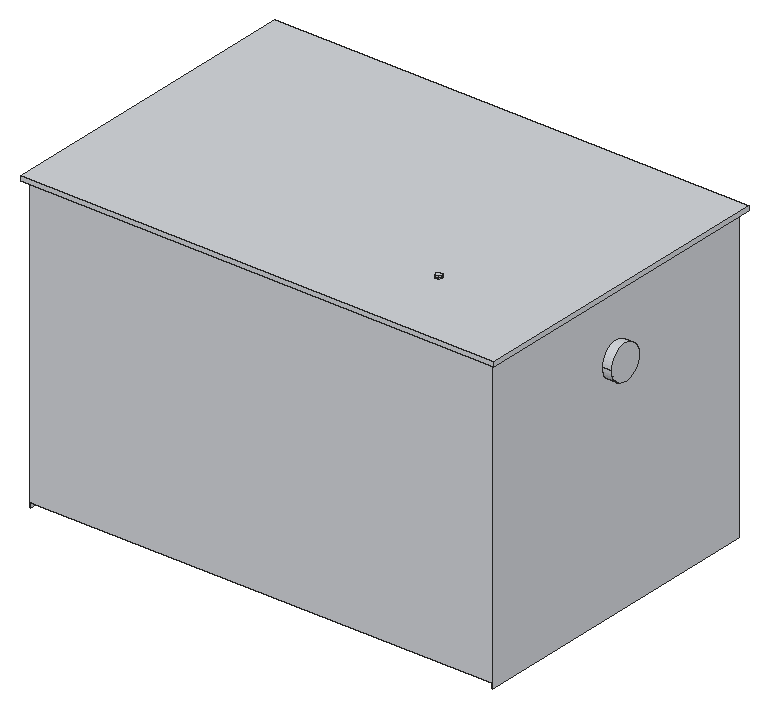
Revit family "XL-MCL-G-0", category Pipe Accessories, Revit 2018
Family settings
  Round Connector Dimension = Use Diameter
  Part Type = Normal
  Work Plane-Based = No
  Always vertical = Yes
  Cut with Voids When Loaded = No
  Shared = No
Parameters (values of type "XL-MCL-G-1")
  URL = "WWW.MIFAB.COM"
  F-Pipe Size = 0' - 4"
  Model = "XL-MCL-G-1"
  Manufacturer = "MIFAB"
  E-Height = 2' - 10"
  Description = "HYDRO MECHANICAL ECONOMY GREASE INTERCEPTOR"
  C-Pipe Offset = 0' - 8"
  B-Length = 3' - 1"
  A-Width = 4' - 7"
Types (3): name | Model | E-Height | C-Pipe Offset | B-Length | A-Width
  (no name) | "XL-MCL-G-1" | 2' - 10" | 0' - 8" | 3' - 1" | 4' - 7"
  XL-MCL-G-0 | "XL-MCL-G-0" | 2' - 8" | 0' - 6" | 2' - 4" | 3' - 6"
  XL-MCL-G-1 | "XL-MCL-G-1" | 2' - 10" | 0' - 8" | 3' - 1" | 4' - 7"
Reference planes (in)
  plane 1 "Center (Front/Back)": y = 0
  plane 2: z = 0
  plane 3 "Center (Left/Right)": x = 0
  plane 4: x = -27.5
  plane 5: x = 27.5
  plane 6: y = 18.5
  plane 7: y = -18.5
  plane 8: z = 34
  plane 9: z = 33.48819
  plane 10: z = 33.88189
  plane 11: z = 0.11719
  plane 12: z = 26
  plane 13: x = 28
  plane 14: z = -0.5
  plane 15: y = 17.87008
  plane 16: y = -17.87008
Forms (in)
  Sweep 1, solid
    path origin (0, 0, 0) x (1, 0, 0) y (0, 1, 0)
      loop
        line (27.5, 18.5) -> (-27.5, 18.5) -> (-27.5, -18.5) -> (27.5, -18.5) -> (27.5, 18.5)
    profile origin (27.5, 0, 0) x (1, 0, 0) y (0, 0, 1)
      loop
        line (0, 34) -> (-0.74803, 34) -> (-0.74803, 33.48819) -> (0, 33.48819) -> (0, 34)
  Extrusion 2, solid
    sketch origin (0, 0, 0) x (1, 0, 0) y (0, 1, 0)
      loop
        line (-26.75197, 17.75197) -> (-26.75197, -17.75197) -> (26.75197, -17.75197) -> (26.75197, 17.75197) -> (-26.75197, 17.75197)
    from 33.88189 to 34
  Sweep 3, solid
    path origin (0, 0, 0) x (1, 0, 0) y (0, 1, 0)
      loop
        line (27.5, 18.5) -> (-27.5, 18.5) -> (-27.5, -18.5) -> (27.5, -18.5) -> (27.5, 18.5)
    profile origin (27.5, 0, 0) x (1, 0, 0) y (0, 0, 1)
      loop
        line (-0.74803, 33.48819) -> (-0.74803, 0) -> (-0.62992, 0) -> (-0.62992, 33.48819) -> (-0.74803, 33.48819)
  Extrusion 4, solid
    sketch origin (0, 0, 0) x (1, 0, 0) y (0, 1, 0)
      loop
        line (-26.75197, 17.75197) -> (-26.75197, -17.75197) -> (26.75197, -17.75197) -> (26.75197, 17.75197) -> (-26.75197, 17.75197)
    from 0 to 0.11719
  Extrusion 5, solid
    sketch origin (0, 0, 0) x (0, 1, 0) y (0, 0, 1)
      loop
        circle (0, 26) r 2
    from 26.87008 to 28
  Extrusion 6, void
    sketch origin (-26.87008, -17.87008, 33.48819) x (0, -1, 0) y (0, 0, -1)
      loop
        circle (-17.87008, 7.48819) r 2
    from 0 to 0.11811
  Extrusion 7, solid
    sketch origin (0, 0, 0) x (1, 0, 0) y (0, 0, 1)
      loop
        line (26.87008, 0) -> (26.75197, 0) -> (26.75197, -0.5) -> (26.87008, -0.5) -> (26.87008, 0)
    from -17.87008 to 17.87008
  Extrusion 8, solid
    sketch origin (0, 0, 0) x (1, 0, 0) y (0, 0, 1)
      loop
        line (-26.87008, 0) -> (-26.87008, -0.5) -> (-26.75197, -0.5) -> (-26.75197, 0) -> (-26.87008, 0)
    from -17.87008 to 17.87008
Cuts and joins
  joined: Sweep 1, Extrusion 2
  Extrusion 6 cuts Sweep 3
  joined: Sweep 3, Extrusion 4, Extrusion 7, Extrusion 8
Dimensions and locks (in)
  equal spacing: plane 4, plane 3 "Center (Left/Right)", plane 5
  "A-Width": plane 4 to plane 5
  equal spacing: plane 7, plane 1 "Center (Front/Back)", plane 6
  "B-Length": plane 7 to plane 6
  "E-Height": plane 8 to level
  locked: Sweep 1 sketch curve to plane 5 at 0.74803
  locked: plane 8 to plane 9 at 0.51181
  locked: plane 8 to plane 10 at 0.11811
  plane 5 to Sweep 3 sketch curve to Sweep 3 sketch curve = 0' - 0.62992" locked, 0' - 0.11811" locked
  locked: plane 11 to level at 0.11719
  "C-Pipe Offset": plane 8 to plane 12
  locked: plane 5 to plane 13 at 0.5
  locked: level to plane 14 at 0.5
  equal spacing: plane 3 "Center (Left/Right)", nested 1, plane 5
  equal spacing: plane 7, nested 1, plane 1 "Center (Front/Back)"
  locked: plane 16 to plane 7 at 0.62992
  locked: plane 6 to plane 15 at 0.62992
  "F-Pipe Size": diameter of Extrusion 5 sketch curve
  "F-Pipe Size": diameter of Extrusion 6 sketch curve
  aligned and locked: level to plane 2
  aligned and locked: plane 5 to Sweep 1 sketch curve
  aligned and locked: Sweep 1 sketch curve to plane 6
  aligned and locked: Sweep 1 sketch curve to plane 4
  aligned and locked: plane 7 to Sweep 1 sketch curve
  aligned and locked: Sweep 1 sketch curve to plane 5
  aligned and locked: Sweep 1 sketch curve to plane 9
  aligned and locked: Extrusion 2 sketch curve to Sweep 1  (x4)
  aligned and locked: plane 8 to Extrusion 2
  aligned and locked: Extrusion 2 to plane 10
  aligned and locked: plane 5 to Sweep 3 sketch curve
  aligned and locked: Sweep 3 sketch curve to plane 6
  aligned and locked: Sweep 3 sketch curve to plane 4
  aligned and locked: plane 7 to Sweep 3 sketch curve
  aligned and locked: cut or joined group of Sweep 1, Extrusion 2 to Sweep 3 sketch curve
  aligned and locked: profile plane to Sweep 3 sketch curve
  aligned and locked: Extrusion 4 sketch curve to cut or joined group of Sweep 1, Extrusion 2  (x4)
  aligned and locked: Extrusion 4 to level
  aligned and locked: Extrusion 4 to plane 11
  aligned and locked: plane 12 to Extrusion 5 sketch curve
  aligned and locked: plane 1 "Center (Front/Back)" to Extrusion 5 sketch curve
  aligned and locked: Extrusion 5 to Sweep 3
  aligned and locked: plane 13 to Extrusion 5
  aligned and locked: plane 12 to Extrusion 6 sketch curve
  aligned and locked: plane 1 "Center (Front/Back)" to Extrusion 6 sketch curve
  aligned and locked: Sweep 3 to Extrusion 6
  aligned and locked: Extrusion 6 to cut or joined group of Sweep 1, Extrusion 2
  aligned and locked: Extrusion 7 sketch curve to Extrusion 4
  aligned and locked: plane 14 to Extrusion 8 sketch curve
  aligned and locked: plane 15 to cut or joined group of Sweep 3, Extrusion 4, Extrusion 6, Extrusion 7, Extrusion 8
  aligned and locked: cut or joined group of Sweep 3, Extrusion 4, Extrusion 6, Extrusion 7, Extrusion 8 to plane 15  (x2)
  aligned and locked: plane 16 to cut or joined group of Sweep 3, Extrusion 4, Extrusion 6, Extrusion 7, Extrusion 8  (x2)
  aligned and locked: plane 8 to nested 1
Automatic sketch dimensions
  plane 9 to Sweep 1 sketch curve = 0' - 0.51181"
  Extrusion 7 sketch curve to level = 0' - 0"
  Extrusion 7 sketch curve to plane 14 = 0' - 0"
  Extrusion 7 sketch curve to Extrusion 7 sketch curve = 0' - 0.11811"
  Extrusion 8 sketch curve to level = 0' - 0"
  plane 4 to Extrusion 8 sketch curve = 0' - 0.62992"
  Extrusion 8 sketch curve to Extrusion 8 sketch curve = 0' - 0.11811"
Nested families (in)
  nested 1: "Bolt-01" at (13.75, -10.25, 32.71792), type "M20"
Connectors (in)
  piping at (28, 0, 26), diameter 4, driven by "F-Pipe Size"
    settings: on Extrusion 5, index 1, connector inside diameter 609.6 mm, connector length 0' - 0", flow factor 0, pipe flow 0.0 L/s, pressure drop 0.0 Pa, fitting loss kfactor 0, connector angle 0.00°, fixture units 0, engagement length 0' - 0", angle of deflection 0.00°, flow configuration 0, flow direction 2, fitting loss method 0, system type 16, joint type 0, gender type 0, connector reference index -1, connector utility 0, adjustable connector no, is connector primary yes, connector description ""
  piping at (-26.87008, 0, 26), diameter 4, driven by "F-Pipe Size"
    settings: on cut or joined group of Sweep 3, Extrusion 4, Extrusion 6, Extrusion 7, Extrusion 8, index 2, connector inside diameter 609.6 mm, connector length 0' - 0", flow factor 0, pipe flow 0.0 L/s, pressure drop 0.0 Pa, fitting loss kfactor 0, connector angle 0.00°, fixture units 0, engagement length 0' - 0", angle of deflection 0.00°, flow configuration 0, flow direction 1, fitting loss method 0, system type 16, joint type 0, gender type 0, connector reference index -1, connector utility 0, adjustable connector no, is connector primary no, connector description ""
Definition of nested family "Bolt-01"
  Parameters (values of type "M20")
    r = D / 2  # 0' - 0.3937"
    T = 0' - 1.37795"
    L = 0' - 1"
    HN = 0' - 0.73622"
    H = 0' - 0.4685"
    F = 0' - 1.25197"
    D = 0' - 0.7874"
    Assembly Code = ""
  Types (10): name | r | T | HN | H | F | D
    M20 | 0' - 0.3937" | 0' - 1.37795" | 0' - 0.73622" | 0' - 0.4685" | 0' - 1.25197" | 0' - 0.7874"
    M22 | 0' - 0.43307" | 0' - 1 1/2" | 0' - 0.85827" | 0' - 0.54724" | 0' - 1.43701" | 0' - 0.86614"
    M16 | 0' - 0.31496" | 0' - 1.25197" | 0' - 0.61024" | 0' - 0.38976" | 0' - 1.06299" | 0' - 0.62992"
    M12 | 0' - 0.23622" | 0' - 1" | 0' - 0.48425" | 0' - 0.31102" | 0' - 0.87402" | 0' - 0.47244"
    M24 | 0' - 0.47244" | 0' - 1.62598" | 0' - 0.98425" | 0' - 0.61024" | 0' - 1.62598" | 0' - 0.94488"
    M33 | 0' - 0.64961" | 0' - 2.25197" | 0' - 0.84252" | 0' - 0.84252" | 0' - 2.18898" | 0' - 1.29921"
    M27 | 0' - 0.5315" | 0' - 2" | 0' - 1.11024" | 0' - 0.68898" | 0' - 1.81102" | 0' - 1.06299"
    M30 | 0' - 0.59055" | 0' - 2" | 0' - 1.22047" | 0' - 0.77953" | 0' - 2" | 0' - 1.1811"
    M36 | 0' - 0.70866" | 0' - 2.25197" | 0' - 1.4685" | 0' - 0.93701" | 0' - 2.37402" | 0' - 1.41732"
    M14 | 0' - 0.27559" | 0' - 1.25197" | 0' - 0.61024" | 0' - 0.38976" | 0' - 1.06299" | 0' - 0.55118"
  Reference planes (in)
    plane 1: z = 0
    plane 2 "Center (Left/Right)": x = 0
    plane 3: y = 1
    plane 4: x = -0.62598
    plane 5: x = 0.62598
    plane 6: y = 0.68504
    plane 7: y = 1.31496
    plane 8: z = 1.50465
    plane 9: z = 1.28208
    plane 10: z = 1.32017
  Forms (in)
    Extrusion 1, solid
      sketch origin (0, 1, 2.37795) x (1, 0, 0) y (0, 1, 0)
        loop
          circle (0, 0) r 0.17717
      from -2.37795 to -1.09587
    Extrusion 2, solid
      sketch origin (0, 1, 2.37795) x (1, 0, 0) y (0, 1, 0)
        loop
          line (-0.18184, -0.31496) -> (0.18184, -0.31496) -> (0.36369, 0) -> (0.18184, 0.31496) -> (-0.18184, 0.31496) -> (-0.36369, 0) -> (-0.18184, -0.31496)
      from -1.05778 to -0.8733
    Extrusion 3, solid
      sketch origin (0, 0, 0) x (1, 0, 0) y (0, 1, 0)
        loop
          circle (0, 1) r 0.3937
      from 1.28208 to 1.32017
  Dimensions and locks (in)
    "F": plane 5 to plane 4
    equal spacing: plane 7, plane 3, plane 6
    plane 8 to plane 1 = 0' - 1.50465"
    locked: plane 8 to plane 9 at 0.22257
    locked: plane 10 to plane 9 at 0.03809
    aligned and locked: Extrusion 3 to Extrusion 2
    aligned and locked: Extrusion 1 to Extrusion 3
    aligned and locked: Extrusion 1 to level
    aligned and locked: plane 9 to Extrusion 3
    aligned and locked: plane 10 to Extrusion 3
    aligned and locked: Extrusion 2 to plane 10
    aligned and locked: plane 8 to Extrusion 2
  Automatic sketch dimensions
    Extrusion 2 sketch curve to plane 3 = 0' - 0"  (x2)
    plane 6 to Extrusion 2 sketch curve = 0' - 0"
    Extrusion 2 sketch curve to plane 7 = 0' - 0"
    plane 4 to Extrusion 2 sketch curve = 0' - 0.2623"
    Extrusion 2 sketch curve to plane 2 "Center (Left/Right)" = 0' - 0.18184"  (x2)
    plane 2 "Center (Left/Right)" to Extrusion 2 sketch curve = 0' - 0.18184"  (x2)
    Extrusion 2 sketch curve to plane 5 = 0' - 0.2623"
    Extrusion 3 sketch curve to plane 2 "Center (Left/Right)" = 0' - 0"
    Extrusion 3 sketch curve to plane 3 = 0' - 0"
    Extrusion 1 sketch curve to plane 2 "Center (Left/Right)" = 0' - 0"
    Extrusion 1 sketch curve to plane 3 = 0' - 0"
    radius of Extrusion 3 sketch curve = 0' - 0.3937"
    radius of Extrusion 1 sketch curve = 0' - 0.17717"
